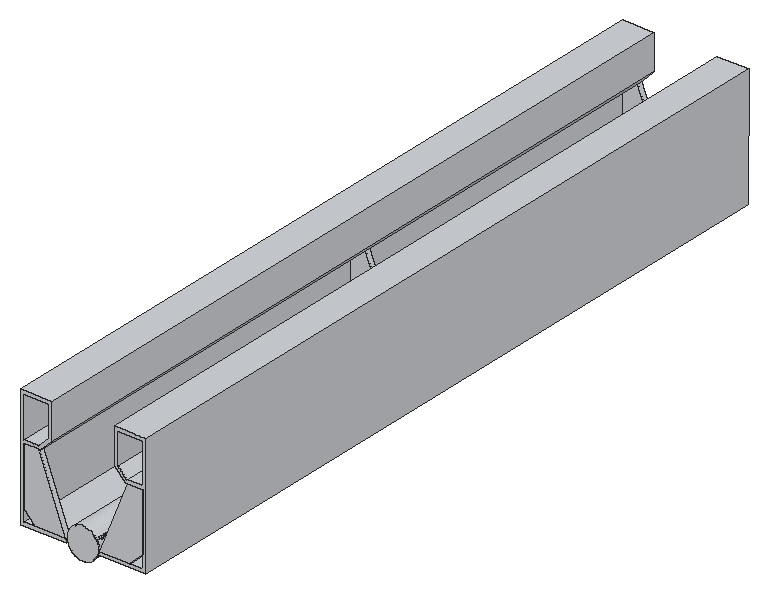
Revit family "LGW_LGW HINGED OUT CORNER 0,6_1923520", category Generic Models, Revit 2018
Family settings
  Can host rebar = No
  Round Connector Dimension = Use Diameter
  Part Type = Normal
  OmniClass Number = 35.51.14.00
  OmniClass Title = FORMWORK
  Work Plane-Based = Yes
  Always vertical = No
  Cut with Voids When Loaded = No
  Shared = Yes
  Room Calculation Point = No
Parameters
  VERSION = "20190101"  # constant formula
  URL = "www.ulmaconstruction.com/en"
  UNICLASS = ""
  REAL ANGLE [instance] = if(ANGLE < 40.00°, 40.00°, if(ANGLE < 180.00°, ANGLE, 180.00°))  # 180.00°
  ITEM_CODE = "1923520"
  Manufacturer = "ULMA CONSTRUCTION"  # constant formula
  INSERTION PLANE [instance] = if(REAL ANGLE = 180.00°, 0.000 mm, (4.000 mm) / cos(90.00° - REAL ANGLE) + 4.000 mm * tan(90.00° - REAL ANGLE))  # 0.000 mm
  FILTER [instance] = ""
  Default Elevation = 0.000 mm
  CLASSIFICATION_TITLE = ""
  CLASSIFICATION_NUMBER = ""
  ANGLE [instance] = 180.00°
Reference planes
  plane 1 "Centro (Frontal/Posterior)": y = 0
  plane 2: z = 0
  plane 3 "Centro (Izquierda/Derecha)": x = 0
  plane 4 "ITEM_HEIGHT": y = 600
  plane 5 "CENTER": z = 4
  plane 6 "INSERTION PLANE": x = 0
Lines and regions (mm)
  reference lines
    curve 1: line (0, 0, 4) -> (209.588, 0, 4)
Dimensions and locks
  locked: plane 1 "Centro (Frontal/Posterior)" to plane 4 "ITEM_HEIGHT" at 600
  locked: plane 5 "CENTER" to plane 2 at 4
  "INSERTION PLANE": plane 3 "Centro (Izquierda/Derecha)" to plane 6 "INSERTION PLANE"
  "REAL ANGLE": angle plane 5 "CENTER" to curve 1
  aligned and locked: level to plane 2
  aligned and locked: plane 3 "Centro (Izquierda/Derecha)" to curve 1
  aligned and locked: plane 5 "CENTER" to curve 1
  aligned and locked: plane 4 "ITEM_HEIGHT" to nested 2
Nested families
  nested 1: "MEDIA ESCUADRA EXT 600 - 1923529_PANELS" at (0, 0, 0), type "MEDIA ESCUADRA EXT 600 - 1923529_PANELS"
    with FILTER ""
  nested 2: "MEDIA ESCUADRA EXT 600 - 1923529_PANELS" at (0, 600, 0) x (-1, 0, 0) z (0, 0, 1), type "MEDIA ESCUADRA EXT 600 - 1923529_PANELS"
    with FILTER ""
Definition of nested family "MEDIA ESCUADRA EXT 600 - 1923529_PANELS"
  Parameters (values of type "MEDIA ESCUADRA EXT 600 - 1923529_PANELS")
    VERSION = "20190101"  # constant formula
    URL = "www.ulmaconstruction.com/en"
    UNICLASS = ""
    Manufacturer = "ULMA CONSTRUCTION"  # constant formula
    FILTER [instance] = ""
    Default Elevation = 0.000 mm
    CLASSIFICATION_TITLE = ""
    CLASSIFICATION_NUMBER = ""
  Reference planes
    plane 1 "Centro (Frontal/Posterior)": y = 0
    plane 2: z = 0
    plane 3 "Centro (Izquierda/Derecha)": x = 0
  Forms (mm)
    Extrusion 1, solid, detail levels fine
      sketch origin (0, 0, 0) x (1, 0, 0) y (0, 0, 1)
        loop
          line (-47.5, 59) -> (-34, 59) -> (-25, 68) -> (-25, 96.5) -> (-50, 96.5) -> (-50, 0) -> (-12.6, 0) -> (-12.6, 2.5) -> (-47.5, 2.5) -> (-47.5, 59)
        loop
          line (-27.5, 94) -> (-47.5, 94) -> (-47.5, 61.5) -> (-35.036, 61.5) -> (-27.5, 69.036) -> (-27.5, 94)
      from -600 to 0
    Extrusion 2, solid
      sketch origin (0, 0, 0) x (1, 0, 0) y (0, 0, 1)
        loop
          circle (0, 4) r 12.5
      from -600 to 0
    Extrusion 3, solid, detail levels fine
      sketch origin (0, 0, 0) x (1, 0, 0) y (0, 0, 1)
        loop
          line (-13.5, 2.5) -> (-35.5, 59) -> (-47.5, 59) -> (-47.5, 12.5) -> (-37.5, 2.5) -> (-13.5, 2.5)
      from -4 to 0
    Extrusion 4, solid, detail levels fine
      sketch origin (0, 575, 0) x (1, 0, 0) y (0, 0, 1)
        loop
          line (-13.5, 2.5) -> (-35.5, 59) -> (-47.5, 59) -> (-47.5, 12.5) -> (-37.5, 2.5) -> (-13.5, 2.5)
      from -25 to -21
    Extrusion 5, solid, detail levels coarse+medium
      sketch origin (0, 0, 0) x (1, 0, 0) y (0, 0, 1)
        loop
          line (-50, 96.5) -> (-50, 0) -> (-12.6, 0) -> (-34, 59) -> (-25, 68) -> (-25, 96.5) -> (-50, 96.5)
      from -600 to 0
    Extrusion 6, solid, detail levels fine
      sketch origin (0, 480, 0) x (1, 0, 0) y (0, 0, 1)
        loop
          line (-13.5, 2.5) -> (-35.5, 59) -> (-47.5, 59) -> (-47.5, 12.5) -> (-37.5, 2.5) -> (-13.5, 2.5)
      from 151 to 155
  Lines and regions (mm)
    model lines, detail levels fine
      curve 1: circle (-47.5, 300, 42) r 10 normal (1, 0, 0)
      curve 2: circle (-50, 300, 42) r 10 normal (1, 0, 0)
  Dimensions and locks
    aligned and locked: level to plane 2
